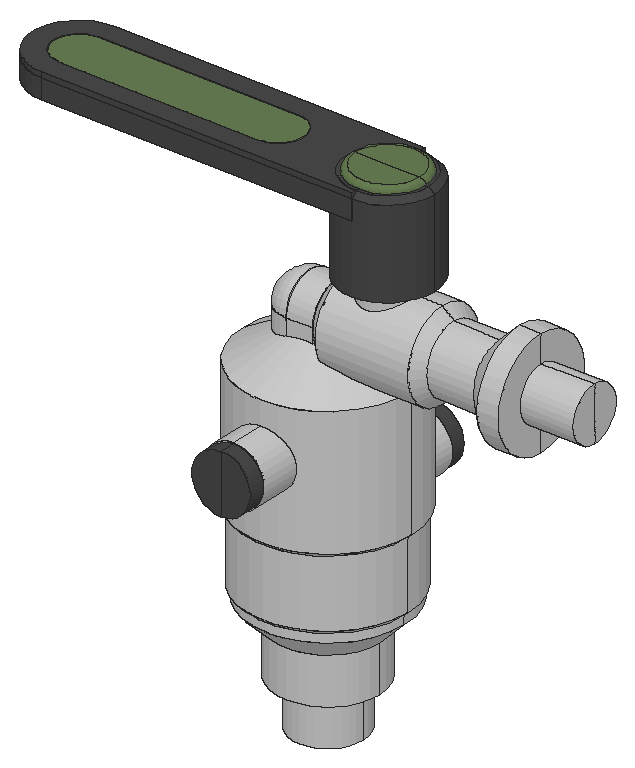
Revit family "HERZ Tap Valve With Integrated System Separator 0300", category Rohrzubehör, Revit 2018
Family settings
  Bemaßung runder Anschluss = Durchmesser verwenden
  Teiletyp = Unterbricht
  OmniClass-Nummer = 23.65.55.14
  OmniClass-Titel = Valves for Liquid Services
  Arbeitsebenenbasiert = Nein
  Immer vertikal = Ja
  Beim Laden mit Abzugskörper schneiden = Nein
  Gemeinsam genutzt = Nein
Parameters (values of type "DN15 auf DN20")
  W02 = 60.00°  # constant formula
  W01 = 45.00°  # constant formula
  URL = "www.herzvalves.com"
  System separator cartridge = "high quality, lime-repellent plastic."  # constant formula
  STL02 = 37.500 mm  # constant formula
  STL01 = 33.000 mm  # constant formula
  STD02 = 8.200 mm  # constant formula
  STD01 = 8.500 mm  # constant formula
  SCTWSEQ = "AW;SBT_TYP_AW=\"104\";2"
  SCTWCODE = "04;12;02"  # constant formula
  S05 = R03 - 2.000 mm  # 10.400 mm
  S04 = 33.000 mm  # constant formula
  S03 = 25.000 mm  # constant formula
  S02 = 45.000 mm  # constant formula
  S01 = 13.000 mm  # constant formula
  R09 = 13.000 mm  # constant formula
  R05 = 8.000 mm  # constant formula
  R04 = 8.500 mm  # constant formula
  R03 = 12.400 mm  # constant formula
  R02 = 9.500 mm  # constant formula
  R01 = 15.000 mm  # constant formula
  NennweiteEin [instance] = if([15_20], 15.000 mm, if([20_20], 20.000 mm, if([20_25], 20.000 mm, 0.000 mm)))  # 15.000 mm
  NennweiteAus [instance] = if([15_20], 20.000 mm, if([20_20], 20.000 mm, if([20_25], 25.000 mm, 0.000 mm)))  # 20.000 mm
  Model = "The system separator of type BA integrated in this take-off fitting has been developed according to the standard DIN EN 1717.\r\nAccording to this standard, the water quality is divided up into 5 classes depending on the degree of contamination.\r\nSystem separators of type BA provide protection against non-drinking water up to hazard class 4.\r\nThis is the highest hazard class that may be safeguarded with a valve.\r\nThe installation of a dirt trap upstream of the system separator helps to guarantee constant and faultless function.\r\nIt is only possible to install this fitting vertically."
  Medium = "Water (without steam)"  # constant formula
  Max. permissible temperature (short-term) = 80 °C  # constant formula
  Max. operating temperature = 65 °C  # constant formula
  Max. operating pressure = 1000000.0 Pa  # constant formula
  LO01 = 34.500 mm  # constant formula
  L11 = 77.500 mm  # constant formula
  L10 = 57.500 mm  # constant formula
  L09 = 58.000 mm  # constant formula
  L08 = 2.500 mm  # constant formula
  L07 = 26.000 mm  # constant formula
  L06 = 6.000 mm  # constant formula
  L05 = 15.000 mm  # constant formula
  L04 = 5.000 mm  # constant formula
  L03 = 100.000 mm  # constant formula
  L02 = 58.000 mm  # constant formula
  L01 = 75.000 mm  # constant formula
  Installation position = "vertical"  # constant formula
  Note = "Pursuant to Article 33 of the REACH Regulation (EC No. 1907/2006), we are obliged to point out that the material lead is listed on the SVHC list and that all brass components manufactured in our products exceed 0.1% (w / w) lead (CAS: 7439-92-1 / EINECS: 231-100-4).\r\nSince lead is a component part of an alloy, actual exposure is not possible and therefore no additional information on safe use is necessary."
  Hersteller = "HERZ Armaturen Ges.m.b.H."  # constant formula
  H08 = 15.000 mm  # constant formula
  H07 = 36.000 mm  # constant formula
  H06 = 19.000 mm  # constant formula
  H05 = 2.500 mm  # constant formula
  H04 = 13.000 mm  # constant formula
  H03 = 13.000 mm  # constant formula
  H02 = 105.000 mm  # constant formula
  H01 = 146.000 mm - H02  # 41.000 mm
  Seals = "EPDM"  # constant formula
  Part number = if([15_20], "I030001", if([20_20], "I030002", if([20_25], "I030012", "0")))  # "I030001"
  Body = "pressed brass (CW617N), chrome-plated."  # constant formula
  Application = "This take-off fitting with integrated system separator (BA) is designed for installation above a drainage fixture or for outdoor installation (e.g. as a garden valve).\r\nThe fitting comprises an intake-side ball valve and a downstream system separator of type BA according to DIN EN 1717."
  20_25 = no
  20_20 = no
  15_20 = yes
  D05 = 14.500 mm  # constant formula
  D04 = 21.500 mm  # constant formula
  D03 = 22.500 mm  # constant formula
  D02 = 7.000 mm  # constant formula
  D01 = 23.500 mm  # constant formula
  AGein [instance] = NennweiteEin / 2  # 7.500 mm
  AGaus [instance] = NennweiteAus / 2  # 10.000 mm
Types (4, lengths in mm): name | NennweiteEin | NennweiteAus | Part number | 20_25 | 20_20 | 15_20 | AGein | AGaus
  (no name) | 15.000 | 20.000 | "I030001" | no | no | yes | 7.500 | 10.000
  DN15 auf DN20 | 15.000 | 20.000 | "I030001" | no | no | yes | 7.500 | 10.000
  DN20 auf DN20 | 20.000 | 20.000 | "I030002" | no | yes | no | 10.000 | 10.000
  DN20 auf DN25 | 20.000 | 25.000 | "I030012" | yes | no | no | 10.000 | 12.500
Reference planes
  plane 1 "Mitte (Vorne/hinten)": y = 0
  plane 2: z = 0
  plane 3 "Mitte (Links/rechts)": x = 0
Forms (mm)
  Revolve 1, solid, material "Messing, vernickelt", detail levels fine
    sketch origin (0, 0, -213.5) x (1, 0, 0) y (0, 0, 1)
      loop
        line (0, 108.5) -> (0, 213.5) -> (-7, 213.5) -> (-7, 210.526) -> (-23.5, 201) -> (-23.5, 165) -> (-22.5, 164) -> (-22.5, 145) -> (-21.5, 144) -> (-21.5, 141.5) -> (-14.5, 134.5) -> (-14.5, 121.5) -> (-10, 121.5) -> (-10, 108.5) -> (0, 108.5)
      axis (0, 213.5) -> (0, 108.5)
    angle from 0 to 360
  Revolve 2, solid, material "Messing, vernickelt", detail levels fine
    sketch origin (0, 0, 0) x (1, 0, 0) y (0, 0, 1)
      loop
        line (2.5, 0) -> (75, 0) -> (75, 7.5) -> (60, 7.5) -> (60, 15) -> (54, 15) -> (48.5, 9.5) -> (35.3, 9.5) -> (32.4, 12.4) -> (6.4, 12.4) -> (2.5, 8.5) -> (2.5, 0)
      axis (2.5, 0) -> (75, 0)
    angle from 0 to 360
  Extrusion 3, solid, material "Messing, vernickelt", detail levels fine
    sketch origin (0, 0, 0) x (0, 1, 0) y (0, 0, 1)
      loop
        arc (8.5, 0) -> (0, 8.5) -> (-8.5, 0) r 8.5
        line (-8.5, 0) -> (-8.5, -12.5) -> (8.5, -12.5) -> (8.5, 0)
    from 2.5 to -5
  Extrusion 4, solid, material "Messing, vernickelt", detail levels fine
    sketch origin (0, 0, 0) x (1, 0, 0) y (0, 1, 0)
      loop
        circle (-5, 0) r 8.5
    from -20 to 0
  Revolve 5, solid, material "Messing, vernickelt", detail levels fine
    sketch origin (0, 0, 0) x (1, 0, 0) y (0, 1, 0)
      loop
        arc (-5, 8.5) -> (-11.01, 6.01) -> (-13.5, 0) r 8.5
        line (-13.5, 0) -> (-5, 0) -> (-5, 8.5)
      axis (-5, 0) -> (-13.5, 0)
    angle from 0 to 360
  Revolve 6, solid, material "Messing, vernickelt", detail levels fine
    sketch origin (0, 0, 0) x (1, 0, 0) y (0, 0, 1)
      loop
        line (17, 0) -> (25, 0) -> (25, 15) -> (17, 15) -> (17, 0)
      axis (17, 15) -> (17, 0)
    angle from 0 to 360
  Revolve 7, solid, material "Kunststoff SCHWARZ", detail levels fine
    sketch origin (0, 0, 0) x (1, 0, 0) y (0, 0, 1)
      loop
        line (17, 15) -> (30, 15) -> (30, 39.5) -> (28.5, 41) -> (17, 41) -> (17, 15)
      axis (17, 15) -> (17, 41)
    angle from 0 to 360
  Revolve 8, solid, material "Kunststoff GRÜN", detail levels fine
    sketch origin (0, 0, 0) x (1, 0, 0) y (0, 0, 1)
      loop
        line (17, 42.5) -> (17, 41) -> (27.5, 41)
        arc (27.5, 41) -> (27.061, 42.061) -> (26, 42.5) r 1.5
        line (26, 42.5) -> (17, 42.5)
      axis (17, 42.5) -> (17, 41)
    angle from 0 to 360
  Extrusion 9, solid, material "Kunststoff SCHWARZ", detail levels fine
    sketch origin (0, 0, 0) x (1, 0, 0) y (0, 1, 0)
      loop
        line (17, 13) -> (-70, 13)
        arc (-70, 13) -> (-83, 0) -> (-70, -13) r 13
        line (-70, -13) -> (17, -13) -> (17, 13)
    from 34 to 39.5
  Extrusion 10, solid, material "Kunststoff SCHWARZ", detail levels fine
    sketch origin (0, 0, 0) x (1, 0, 0) y (0, 1, 0)
      loop
        line (17, 13) -> (-70, 13)
        arc (-70, 13) -> (-83, 0) -> (-70, -13) r 13
        line (-70, -13) -> (17, -13) -> (17, 13)
      loop
        arc (-70, 7) -> (-77, 0) -> (-70, -7) r 7
        line (-70, -7) -> (-14, -7)
        arc (-14, -7) -> (-7, 0) -> (-14, 7) r 7
        line (-14, 7) -> (-70, 7)
    from 39.5 to 41
  Extrusion 11, solid, material "Kunststoff GRÜN", detail levels fine
    sketch origin (0, 0, 0) x (1, 0, 0) y (0, 1, 0)
      loop
        arc (-70, 7) -> (-77, 0) -> (-70, -7) r 7
        line (-70, -7) -> (-14, -7)
        arc (-14, -7) -> (-7, 0) -> (-14, 7) r 7
        line (-14, 7) -> (-70, 7)
    from 39.5 to 41
  Revolve 12, solid, material "Messing, vernickelt", detail levels fine
    sketch origin (0, 0, 0) x (0, 1, 0) y (0, 0, 1)
      loop
        line (0, -39) -> (0, -47.5) -> (33, -47.5) -> (33, -39) -> (0, -39)
      axis (33, -47.5) -> (0, -47.5)
    angle from 0 to 360
  Revolve 13, solid, material "Messing, vernickelt", detail levels fine
    sketch origin (0, 0, 0) x (0, -1, 0) y (0, 0, 1)
      loop
        line (0, -19) -> (0, -27.5) -> (33, -27.5) -> (33, -19) -> (0, -19)
      axis (33, -27.5) -> (0, -27.5)
    angle from 0 to 360
  Revolve 14, solid, material "Kunststoff SCHWARZ", detail levels fine
    sketch origin (0, 0, 0) x (0, 1, 0) y (0, 0, 1)
      loop
        line (-33, -27.5) -> (-33, -19.3) -> (-37.5, -19.3) -> (-37.5, -27.5) -> (-33, -27.5)
      axis (-33, -27.5) -> (-37.5, -27.5)
    angle from 0 to 360
  Revolve 15, solid, material "Kunststoff SCHWARZ", detail levels fine
    sketch origin (0, 0, 0) x (0, -1, 0) y (0, 0, 1)
      loop
        line (-33, -47.5) -> (-33, -39.3) -> (-37.5, -39.3) -> (-37.5, -47.5) -> (-33, -47.5)
      axis (-33, -47.5) -> (-37.5, -47.5)
    angle from 0 to 360
Lines and regions (mm)
  model lines, detail levels coarse+medium
    curve 1: line (35.5, 0, 12.4) -> (35.5, 0, -12.4)
    curve 2: line (35.5, 0, -12.4) -> (2.5, 0, 12.4)
    curve 3: line (2.5, 0, 12.4) -> (2.5, 0, -12.4)
    curve 4: line (2.5, 0, -12.4) -> (35.5, 0, 12.4)
    curve 5: circle (10.02, 0, 0) r 10.4 normal (0, -1, 0)
    curve 6: line (35.5, 0, 0) -> (75, 0, 0)
    curve 7: line (60, 0, 15) -> (60, 0, -15)
    curve 8: line (-23.5, 0, -12.4) -> (23.5, 0, -12.4)
    curve 9: line (-23.5, 0, -105) -> (-23.5, 0, -12.4)
    curve 10: line (23.5, 0, -105) -> (-23.5, 0, -105)
    curve 11: line (23.5, 0, -12.4) -> (23.5, 0, -105)
    curve 12: line (2.5, 0, 0) -> (0, 0, 0)
    curve 13: line (0, 0, 0) -> (0, 0, -12.4)
    curve 14: line (-10.5, 0, -105) -> (-10.5, 0, -80)
    curve 15: line (-10.5, 0, -57.4) -> (-10.5, 0, -12.4)
    curve 16: line (10.5, 0, -105) -> (10.5, 0, -80)
    curve 17: line (10.5, 0, -57.4) -> (10.5, 0, -12.4)
    curve 18: line (0, -23.5, -105) -> (0, 23.5, -105)
    curve 19: line (0, -23.5, -12.4) -> (0, -23.5, -105)
    curve 20: line (0, 23.5, -12.4) -> (0, -23.5, -12.4)
    curve 21: line (0, 23.5, -105) -> (0, 23.5, -12.4)
    curve 26: arc (0, -12.4, 0) -> (0, 0, 12.4) -> (0, 12.4, 0) r 12.4
  model lines
    curve 22: line (0, -10.5, -105) -> (0, -10.5, -80)
    curve 23: line (0, -10.5, -57.4) -> (0, -10.5, -12.4)
    curve 24: line (0, 10.5, -105) -> (0, 10.5, -80)
    curve 25: line (0, 10.5, -57.4) -> (0, 10.5, -12.4)
Dimensions and locks
  "H03": Revolve 1 sketch curve to Revolve 1 sketch curve
  "H04": Revolve 1 sketch curve to Revolve 1 sketch curve
  "H05": Revolve 1 sketch curve to Revolve 1 sketch curve
  "H06": Revolve 1 sketch curve to Revolve 1 sketch curve
  "H07": Revolve 1 sketch curve to Revolve 1 sketch curve
  "AGaus": Revolve 1 sketch curve to plane 3 "Mitte (Links/rechts)"
  "D01": Revolve 1 sketch curve to Revolve 1 sketch curve
  "D02": Revolve 1 sketch curve to Revolve 1 sketch curve
  "D05": Revolve 1 sketch curve to Revolve 1 sketch curve
  "D04": Revolve 1 sketch curve to Revolve 1 sketch curve
  "D03": Revolve 1 sketch curve to Revolve 1 sketch curve
  "H02": Revolve 1 sketch curve to Revolve 1 sketch curve
  "L01": Revolve 2 sketch curve to plane 3 "Mitte (Links/rechts)"
  "L05": Revolve 2 sketch curve to Revolve 2 sketch curve
  "L06": Revolve 2 sketch curve to Revolve 2 sketch curve
  "L07": Revolve 2 sketch curve to Revolve 2 sketch curve
  "AGein": Revolve 2 sketch curve to Revolve 2 sketch curve
  "R01": Revolve 2 sketch curve to Revolve 2 sketch curve
  "R02": Revolve 2 sketch curve to Revolve 2 sketch curve
  "R03": Revolve 2 sketch curve to Revolve 2 sketch curve
  "L08": Revolve 2 sketch curve to plane 3 "Mitte (Links/rechts)"
  "R04": Revolve 2 sketch curve to Revolve 2 sketch curve
  "H08": Revolve 6 sketch curve to plane 2
  "R05": Revolve 6 sketch curve to Revolve 6 sketch curve
  "L09": Revolve 6 sketch curve to Revolve 2
  "H08": Revolve 7 sketch curve to plane 2
  "R09": Revolve 7 sketch curve to Revolve 7 sketch curve
  "L02": Revolve 2 to Revolve 7 sketch curve
  "H01": Revolve 7 sketch curve to plane 2
  Revolve 7 sketch curve to Revolve 7 sketch curve = 11.500 mm
  "L02": Revolve 2 to Revolve 8 sketch curve
  Revolve 8 sketch curve to Revolve 7 = 1.500 mm
  "H01": Revolve 8 sketch curve to plane 2
  "L02": Extrusion 9 sketch curve to Revolve 2
  "R09": Extrusion 9 sketch curve to plane 1 "Mitte (Vorne/hinten)" to Extrusion 9 sketch curve
  "L03": Extrusion 9 sketch curve to Extrusion 9 sketch curve
  "L03": Extrusion 10 sketch curve to Extrusion 9
  "L02": Extrusion 10 sketch curve to Revolve 2
  "STL01": Revolve 12 sketch curve to plane 1 "Mitte (Vorne/hinten)"
  "STD01": Revolve 12 sketch curve to Revolve 12 sketch curve
  "L10": Revolve 1 to Revolve 12 sketch curve
  "STD01": Revolve 13 sketch curve to Revolve 13 sketch curve
  "STL01": plane 1 "Mitte (Vorne/hinten)" to Revolve 13 sketch curve
  "L11": Revolve 13 sketch curve to Revolve 1
  "STL01": plane 1 "Mitte (Vorne/hinten)" to Revolve 14 sketch curve
  "STL02": Revolve 13 to Revolve 14 sketch curve
  "STD02": Revolve 14 sketch curve to Revolve 14 sketch curve
  "L11": Revolve 1 to Revolve 14 sketch curve
  "D01": nested 1 to plane 3 "Mitte (Links/rechts)"
  "LO01": level to nested 1
  "STD02": Revolve 15 sketch curve to Revolve 15 sketch curve
  "L10": Revolve 15 sketch curve to Revolve 1
  "STL01": Revolve 15 sketch curve to plane 1 "Mitte (Vorne/hinten)"
  "STL02": Revolve 15 sketch curve to plane 1 "Mitte (Vorne/hinten)"
  "R03": curve 4 to plane 2 to curve 2
  "R03": curve 3 to plane 2 to curve 4
  "L08": plane 3 "Mitte (Links/rechts)" to curve 3
  "S04": curve 3 to curve 1
  "L01": curve 6 to plane 3 "Mitte (Links/rechts)"
  "R01": curve 7 to plane 2 to curve 7
  curve 7 to curve 6 = 15.000 mm
  "D01": curve 11 to plane 3 "Mitte (Links/rechts)" to curve 9
  "H02": plane 2 to curve 10
  "R03": plane 2 to curve 8
  "S01": curve 14 to curve 9
  "S01": curve 11 to curve 16
  "S01": curve 11 to curve 17
  "S01": curve 15 to curve 9
  "S02": curve 8 to curve 17
  "S02": curve 8 to curve 15
  "S03": curve 14 to curve 10
  "S03": curve 16 to curve 10
  "H02": plane 2 to curve 18
  "R03": plane 2 to curve 20
  "D01": curve 19 to plane 1 "Mitte (Vorne/hinten)" to curve 21
  "S01": curve 19 to curve 22
  "S01": curve 24 to curve 21
  "S01": curve 25 to curve 21
  "S01": curve 19 to curve 23
  "S03": curve 18 to curve 22
  "S03": curve 18 to curve 24
  "S02": curve 20 to curve 25
  "S02": curve 20 to curve 23
  "S05": radius of curve 5
  "R03": radius of curve 26
  "W01": angle Revolve 1 sketch curve to Revolve 1 sketch curve  (x3)
  "W02": angle Revolve 1 sketch curve to Revolve 1 sketch curve
  "W01": angle Revolve 2 sketch curve to Revolve 2 sketch curve  (x3)
  "W01": angle Revolve 7 sketch curve to Revolve 7 sketch curve
  aligned and locked: level to plane 2
Automatic sketch dimensions
  Extrusion 3 sketch curve to level = 0.000 mm  (x2)
  Extrusion 3 sketch curve to plane 1 "Mitte (Vorne/hinten)" = 0.000 mm
  plane 1 "Mitte (Vorne/hinten)" to Extrusion 3 sketch curve = 8.500 mm
  Extrusion 3 sketch curve to level = 12.500 mm
  plane 1 "Mitte (Vorne/hinten)" to Extrusion 4 sketch curve = 0.000 mm
  Extrusion 4 sketch curve to plane 3 "Mitte (Links/rechts)" = 5.000 mm
  Revolve 5 sketch curve to plane 1 "Mitte (Vorne/hinten)" = 0.000 mm
  plane 1 "Mitte (Vorne/hinten)" to Revolve 5 sketch curve = 0.000 mm
  Revolve 5 sketch curve to plane 3 "Mitte (Links/rechts)" = 13.500 mm
  Revolve 5 sketch curve to plane 3 "Mitte (Links/rechts)" = 5.000 mm
  Revolve 5 sketch curve to Revolve 5 sketch curve = 1986.500 mm
  plane 3 "Mitte (Links/rechts)" to Revolve 5 sketch curve = 2000.000 mm
  plane 1 "Mitte (Vorne/hinten)" to Extrusion 11 sketch curve = 0.000 mm
  Extrusion 11 sketch curve to plane 3 "Mitte (Links/rechts)" = 70.000 mm
  Extrusion 11 sketch curve to plane 1 "Mitte (Vorne/hinten)" = 7.000 mm
  Extrusion 11 sketch curve to plane 3 "Mitte (Links/rechts)" = 14.000 mm
  curve 26 to level = 0.000 mm
  curve 26 to plane 1 "Mitte (Vorne/hinten)" = 0.000 mm
  curve 12 to level = 0.000 mm
  curve 12 to plane 3 "Mitte (Links/rechts)" = 0.000 mm
  curve 5 to level = 0.000 mm
  curve 6 to level = 0.000 mm
  plane 3 "Mitte (Links/rechts)" to curve 3 = 2.500 mm
  curve 12 to curve 5 = 7.520 mm
  Revolve 1 sketch curve to level = 0.000 mm
  Revolve 1 sketch curve to plane 3 "Mitte (Links/rechts)" = 0.000 mm  (x2)
  Revolve 1 sketch curve to Revolve 1 sketch curve = 261.045 mm
  level to Revolve 1 sketch curve = 2214.315 mm
  Revolve 2 sketch curve to level = 0.000 mm  (x2)
  Revolve 2 sketch curve to plane 3 "Mitte (Links/rechts)" = 1506.530 mm
  Revolve 2 sketch curve to Revolve 2 sketch curve = 1764.148 mm
  Revolve 6 sketch curve to level = 0.000 mm  (x2)
  Revolve 6 sketch curve to Revolve 6 sketch curve = 0.000 mm  (x2)
  Revolve 7 sketch curve to Revolve 7 sketch curve = 0.000 mm  (x3)
  Revolve 8 sketch curve to Revolve 8 sketch curve = 9.000 mm
  Revolve 8 sketch curve to Revolve 8 sketch curve = 0.000 mm  (x3)
  Extrusion 9 sketch curve to Extrusion 9 sketch curve = 0.000 mm
  Extrusion 10 sketch curve to Extrusion 10 sketch curve = 0.000 mm  (x2)
  plane 1 "Mitte (Vorne/hinten)" to Extrusion 10 sketch curve = 0.000 mm
  Extrusion 10 sketch curve to plane 1 "Mitte (Vorne/hinten)" = 7.000 mm
  Extrusion 10 sketch curve to plane 3 "Mitte (Links/rechts)" = 14.000 mm
  Extrusion 10 sketch curve to Extrusion 10 sketch curve = 56.000 mm
  Revolve 12 sketch curve to plane 1 "Mitte (Vorne/hinten)" = 0.000 mm  (x2)
  Revolve 12 sketch curve to Revolve 12 sketch curve = 0.000 mm  (x2)
  Revolve 13 sketch curve to plane 1 "Mitte (Vorne/hinten)" = 0.000 mm  (x2)
  Revolve 13 sketch curve to Revolve 13 sketch curve = 0.000 mm  (x2)
  Revolve 14 sketch curve to Revolve 14 sketch curve = 0.000 mm  (x3)
  Revolve 15 sketch curve to Revolve 15 sketch curve = 0.000 mm  (x3)
  radius of Extrusion 4 sketch curve = 8.500 mm
Nested families
  nested 1: "Herz-Logo-vorne" at (-23.5, 0, -39), type "Herz-Logo-vorne", detail levels fine
Connectors
  piping at (0, 0, -105), diameter 20, driven by "NennweiteAus"
    settings: on Revolve 1, index 1, connector inside diameter 609.6 mm, connector length 0.000 mm, flow factor 0, pipe flow 0.0 L/s, pressure drop 0.0 Pa, fitting loss kfactor 0, connector angle 0.00°, fixture units 0, engagement length 0.000 mm, angle of deflection 0.00°, flow configuration 0, flow direction 2, fitting loss method 0, system type 29, joint type 0, gender type 0, connector reference index -1, connector utility 0, adjustable connector no, is connector primary yes, connector description ""
  piping at (75, 0, 0), diameter 15, driven by "NennweiteEin"
    settings: on Revolve 2, index 2, connector inside diameter 609.6 mm, connector length 0.000 mm, flow factor 0, pipe flow 0.0 L/s, pressure drop 0.0 Pa, fitting loss kfactor 0, connector angle 0.00°, fixture units 0, engagement length 0.000 mm, angle of deflection 0.00°, flow configuration 0, flow direction 1, fitting loss method 0, system type 29, joint type 0, gender type 0, connector reference index -1, connector utility 0, adjustable connector no, is connector primary no, connector description ""
Definition of nested family "Herz-Logo-vorne"
  Reference planes
    plane 1 "Mitte (Vorne/hinten)": y = 0
    plane 2: z = 0
    plane 3 "Mitte (Links/rechts)": x = 0
  Forms (mm)
    Extrusion 1, solid
      sketch origin (0.732, -0.018, 0.017) x (0, -1, 0) y (0, 0, 1)
        loop
          line (-0.018, -4.517) -> (4.482, -4.517) -> (4.482, 4.483) -> (-4.518, 4.483) -> (-4.518, -4.517) -> (-0.018, -4.517)
        loop
          line (-0.05, -3.48) -> (3.482, -3.48) -> (3.482, 3.483) -> (-3.518, 3.483) -> (-3.518, -3.48) -> (-0.05, -3.48)
        loop
          arc (-0.018, 2.383) -> (-1.543, 3.287) -> (-3.067, 2.383) r 1.738
          arc (-3.067, 2.383) -> (-3.191, 1.899) -> (-3.067, 1.415) r 1.009
          line (-3.067, 1.415) -> (-0.018, -3.281) -> (3.032, 1.415)
          arc (3.032, 1.415) -> (3.156, 1.899) -> (3.032, 2.383) r 1.009
          arc (3.032, 2.383) -> (1.507, 3.287) -> (-0.018, 2.383) r 1.738
        loop
          arc (1.885, 1.272) -> (2.005, 1.675) -> (1.885, 2.079) r 0.74
          arc (1.885, 2.079) -> (1.265, 2.416) -> (0.644, 2.079) r 0.74
          line (0.644, 2.079) -> (-0.018, 0.97) -> (-0.679, 2.079)
          arc (-0.679, 2.079) -> (-1.3, 2.416) -> (-1.921, 2.079) r 0.74
          arc (-1.921, 2.079) -> (-2.04, 1.675) -> (-1.921, 1.272) r 0.74
          line (-1.921, 1.272) -> (-0.018, -1.658) -> (1.885, 1.272)
      from 0 to 1.5
  Dimensions and locks
    aligned and locked: level to plane 2
